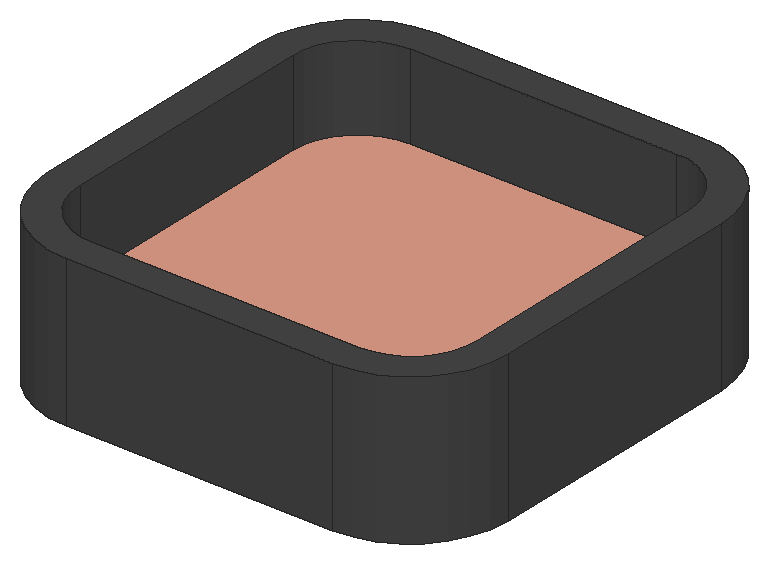
Revit family "VISS SQUARE LED LIGHT", category Lighting Fixtures, host Face, Revit 2020 (continued)
Types (65): name | Wattage Comments | Wattage | built-in parameter 1150134 | Surface Mount | Surface Acoustic Body | Photometric Web File | Order number | built-in parameter 1150142 | Model | built-in parameter 1150105 | Lumens | built-in parameter 1150107 | built-in parameter 1150106 | H1 | Fixture Width | Finish/Color | B2 | B1 | Apparent Load | Aircraft Cable Pendant Mount | Acoustic Body
  VSI-S-LA-2518-40901-ACPMK-WH-NSAC-021 130 | "25 W" | 11.7812 W | 12 | no | no | "generic" | "17511" | (empty or 0) | "VSI-S-LA-2518-40901-ACPMK-WH-NSAC-021 130" | 139.26 (stored number, unit not read) | 1750 lm | 4000 (stored number, unit not read) | 1.3926 (stored number, unit not read) | 4' - 11.19898" | 1' - 5 179/256" | White | 0' - 4.84961" | 0' - 8.34961" | 31.25 VA | yes | yes
  VSI-S-LA-3624-40901-ACPMK-WH-NSAC-021 130 | "36 W" | 16.9649 W | 12 | no | no | "generic" | "17512" | (empty or 0) | "VSI-S-LA-3624-40901-ACPMK-WH-NSAC-021 130" | 200.54 (stored number, unit not read) | 2520 lm | 4000 (stored number, unit not read) | 2.0054 (stored number, unit not read) | 4' - 11.51346" | 1' - 11 77/128" | White | 0' - 7 205/256" | 0' - 11 77/256" | 31.25 VA | yes | yes
  VSI-S-LA-5032-40901-ACPMK-WH-NSAC-021 130 | "50 W" | 23.5624 W | 12 | no | no | "generic" | "17513" | (empty or 0) | "VSI-S-LA-5032-40901-ACPMK-WH-NSAC-021 130" | 278.52 (stored number, unit not read) | 3500 lm | 4000 (stored number, unit not read) | 2.7852 (stored number, unit not read) | 5' - 0.15864" | 2' - 7 1/2" | White | 0' - 11 3/4" | 1' - 3 1/4" | 62.5 VA | yes | yes
  VSI-S-LA-1514-40901-ACPMK-BK-NSAC-021 130 | "15 W" | 7.06871 W | 12 | no | no | "generic" | "17514" | (empty or 0) | "VSI-S-LA-1514-40901-ACPMK-BK-NSAC-021 130" | 83.556 (stored number, unit not read) | 1050 lm | 4000 (stored number, unit not read) | 0.83556 (stored number, unit not read) | 4' - 11.08136" | 1' - 2 51/256" | Black | 0' - 3.09961" | 0' - 6.59961" | 18.75 VA | yes | yes
  VSI-S-LA-2518-40901-ACPMK-BK-NSAC-021 130 | "25 W" | 11.7812 W | 12 | no | no | "generic" | "17515" | (empty or 0) | "VSI-S-LA-2518-40901-ACPMK-BK-NSAC-021 130" | 139.26 (stored number, unit not read) | 1750 lm | 4000 (stored number, unit not read) | 1.3926 (stored number, unit not read) | 4' - 11.19898" | 1' - 5 179/256" | Black | 0' - 4.84961" | 0' - 8.34961" | 31.25 VA | yes | yes
  VSI-S-LA-3624-40901-ACPMK-BK-NSAC-021 130 | "36 W" | 16.9649 W | 12 | no | no | "generic" | "17516" | (empty or 0) | "VSI-S-LA-3624-40901-ACPMK-BK-NSAC-021 130" | 200.54 (stored number, unit not read) | 2520 lm | 4000 (stored number, unit not read) | 2.0054 (stored number, unit not read) | 4' - 11.51346" | 1' - 11 77/128" | Black | 0' - 7 205/256" | 0' - 11 77/256" | 31.25 VA | yes | yes
  VSI-S-LA-5032-40901-ACPMK-BK-NSAC-021 130 | "50 W" | 23.5624 W | 12 | no | no | "generic" | "17517" | (empty or 0) | "VSI-S-LA-5032-40901-ACPMK-BK-NSAC-021 130" | 278.52 (stored number, unit not read) | 3500 lm | 4000 (stored number, unit not read) | 2.7852 (stored number, unit not read) | 5' - 0.15864" | 2' - 7 1/2" | Black | 0' - 11 3/4" | 1' - 3 1/4" | 62.5 VA | yes | yes
  VSI-S-1514-30901-SMK-WH | "15 W" | 7.06871 W | (empty or 0) | yes | no | "generic" | "17625" | (empty or 0) | "VSI-S-1514-30901-SMK-WH" | 83.556 (stored number, unit not read) | 1050 lm | 3000 (stored number, unit not read) | 0.83556 (stored number, unit not read) | 4' - 11.08136" | 1' - 2 51/256" | White | 0' - 3.09961" | 0' - 6.59961" | 18.75 VA | no | no
  VSI-S-2518-30901-SMK-WH | "25 W" | 11.7812 W | (empty or 0) | yes | no | "generic" | "17626" | (empty or 0) | "VSI-S-2518-30901-SMK-WH" | 139.26 (stored number, unit not read) | 1750 lm | 3000 (stored number, unit not read) | 1.3926 (stored number, unit not read) | 4' - 11.19898" | 1' - 5 179/256" | White | 0' - 4.84961" | 0' - 8.34961" | 31.25 VA | no | no
  VSI-S-3624-30901-SMK-WH | "36 W" | 16.9649 W | (empty or 0) | yes | no | "generic" | "17627" | (empty or 0) | "VSI-S-3624-30901-SMK-WH" | 200.54 (stored number, unit not read) | 2520 lm | 3000 (stored number, unit not read) | 2.0054 (stored number, unit not read) | 4' - 11.51346" | 1' - 11 77/128" | White | 0' - 7 205/256" | 0' - 11 77/256" | 31.25 VA | no | no
  VSI-S-5032-30901-SMK-WH | "50 W" | 23.5624 W | (empty or 0) | yes | no | "generic" | "17628" | (empty or 0) | "VSI-S-5032-30901-SMK-WH" | 278.52 (stored number, unit not read) | 3500 lm | 3000 (stored number, unit not read) | 2.7852 (stored number, unit not read) | 5' - 0.15864" | 2' - 7 1/2" | White | 0' - 11 3/4" | 1' - 3 1/4" | 62.5 VA | no | no
  VSI-S-1514-30901-SMK-BK | "15 W" | 7.06871 W | (empty or 0) | yes | no | "generic" | "17629" | (empty or 0) | "VSI-S-1514-30901-SMK-BK" | 83.556 (stored number, unit not read) | 1050 lm | 3000 (stored number, unit not read) | 0.83556 (stored number, unit not read) | 4' - 11.08136" | 1' - 2 51/256" | Black | 0' - 3.09961" | 0' - 6.59961" | 18.75 VA | no | no
  VSI-S-2518-30901-SMK-BK | "25 W" | 11.7812 W | (empty or 0) | yes | no | "generic" | "17630" | (empty or 0) | "VSI-S-2518-30901-SMK-BK" | 139.26 (stored number, unit not read) | 1750 lm | 3000 (stored number, unit not read) | 1.3926 (stored number, unit not read) | 4' - 11.19898" | 1' - 5 179/256" | Black | 0' - 4.84961" | 0' - 8.34961" | 31.25 VA | no | no
  VSI-S-3624-30901-SMK-BK | "36 W" | 16.9649 W | (empty or 0) | yes | no | "generic" | "17631" | (empty or 0) | "VSI-S-3624-30901-SMK-BK" | 200.54 (stored number, unit not read) | 2520 lm | 3000 (stored number, unit not read) | 2.0054 (stored number, unit not read) | 4' - 11.51346" | 1' - 11 77/128" | Black | 0' - 7 205/256" | 0' - 11 77/256" | 31.25 VA | no | no
  VSI-S-5032-30901-SMK-BK | "50 W" | 23.5624 W | (empty or 0) | yes | no | "generic" | "17632" | (empty or 0) | "VSI-S-5032-30901-SMK-BK" | 278.52 (stored number, unit not read) | 3500 lm | 3000 (stored number, unit not read) | 2.7852 (stored number, unit not read) | 5' - 0.15864" | 2' - 7 1/2" | Black | 0' - 11 3/4" | 1' - 3 1/4" | 62.5 VA | no | no
  VSI-S-1514-40901-SMK-WH | "15 W" | 7.06871 W | 12 | yes | no | "generic" | "17633" | (empty or 0) | "VSI-S-1514-40901-SMK-WH" | 83.556 (stored number, unit not read) | 1050 lm | 4000 (stored number, unit not read) | 0.83556 (stored number, unit not read) | 4' - 11.08136" | 1' - 2 51/256" | White | 0' - 3.09961" | 0' - 6.59961" | 18.75 VA | no | no
  VSI-S-2518-40901-SMK-WH | "25 W" | 11.7812 W | 12 | yes | no | "generic" | "17634" | (empty or 0) | "VSI-S-2518-40901-SMK-WH" | 139.26 (stored number, unit not read) | 1750 lm | 4000 (stored number, unit not read) | 1.3926 (stored number, unit not read) | 4' - 11.19898" | 1' - 5 179/256" | White | 0' - 4.84961" | 0' - 8.34961" | 31.25 VA | no | no
  VSI-S-3624-40901-SMK-WH | "36 W" | 16.9649 W | 12 | yes | no | "VSI-S-3624-40901.IES" | "17635" | "IESNA:LM-63-2002\r\n[TEST] \r\n[DATE] 2019-08-21\r\n[MANUFAC] Aboveall lighting\r\n[LUMCAT] \r\n[LUMINAIRE] VSI-S-3624-40901\r\n[LAMPCAT] \r\n[LAMP] SAMSUNG 2835 4000K\r\nTILT=NONE\r\n1 3104.55 1.0 91 13 1 2 0.6 0.6 0.088 \r\n1 1 35.03\r\n0. 1. 2. 3. 4. 5. 6. 7. 8. 9. 10. 11. 12. 13. 14. 15. 16. 17. 18. 19. 20. 21. 22. 23. 24. 25. 26. 27. 28. 29. 30. 31. 32. 33. 34. 35. 36. 37. 38. 39. 40. 41. 42. 43. 44. 45. 46. 47. 48. 49. 50. 51. 52. 53. 54. 55. 56. 57. 58. 59. 60. 61. 62. 63. 64. 65. 66. 67. 68. 69. 70. 71. 72. 73. 74. 75. 76. 77. 78. 79. 80. 81. 82. 83. 84. 85. 86. 87. 88. 89. 90. \r\n0. 30. 60. 90. 120. 150. 180. 210. 240. 270. 300. 330. 360. \r\n856.032 858.511 858.865 858.865 858.511 857.803 857.448 856.032 854.97 853.554 852.138 851.076 848.598 846.12 842.933 841.163 839.393 835.853 833.729 829.835 825.232 822.754 817.444 812.133 808.947 803.283 800.096 793.016 786.29 782.749 776.023 768.942 765.402 757.259 749.117 744.869 736.372 727.521 722.919 713.714 709.112 699.553 689.995 680.082 675.48 669.815 659.549 654.238 643.617 634.059 628.04 617.42 612.109 595.824 590.514 585.203 574.228 568.918 557.589 546.615 540.95 530.329 519.001 513.336 501.299 489.617 483.244 470.499 449.612 449.612 433.681 416.333 406.775 387.303 376.329 351.193 333.81 293.062 248.384 225.762 181.367 158.745 75.691 70.911 52.148 21.454 11.4 1.912 2.018 2.195 2.372 \r\n856.032 854.262 854.616 854.97 854.97 854.616 854.262 853.554 852.492 851.784 850.014 848.598 847.536 845.058 842.579 841.517 838.331 835.499 833.375 829.481 825.586 823.108 818.506 816.382 811.425 808.593 802.929 797.264 794.078 787.706 784.873 776.023 775.315 764.694 760.8 756.905 749.117 745.223 736.372 728.229 723.627 714.776 705.926 701.677 692.473 682.914 677.958 668.399 658.486 653.176 643.263 632.643 627.686 617.066 611.755 601.134 589.452 584.141 572.812 567.148 555.819 549.801 538.118 526.081 519.709 507.318 500.591 487.138 472.977 465.189 440.761 440.761 422.706 402.172 390.844 365.0 337.917 322.835 287.752 245.977 224.133 180.199 136.512 76.363 73.92 39.863 27.295 10.125 0.46 0.425 0.425 \r\n856.032 854.616 854.616 854.616 854.262 853.908 853.2 852.846 852.138 851.43 850.014 848.244 847.182 845.058 843.642 840.809 839.039 835.853 832.313 830.189 826.648 824.17 819.922 817.444 812.487 807.177 804.345 798.68 792.308 789.122 782.749 775.669 772.482 765.048 757.613 753.719 746.285 737.788 733.54 724.689 715.838 711.59 702.386 698.137 688.933 684.33 674.772 665.213 659.903 649.99 644.68 639.369 623.438 618.482 607.861 602.551 591.576 579.539 573.875 562.9 557.235 545.552 533.516 527.851 515.814 503.778 497.405 484.306 470.853 465.897 449.612 433.681 433.681 405.713 395.092 372.08 346.732 331.332 301.027 282.972 243.498 201.511 180.517 140.088 121.147 102.03 47.723 47.723 3.257 0.602 0.46 \r\n856.032 854.97 854.616 853.554 852.846 852.138 851.076 849.306 847.536 846.474 844.35 842.933 839.747 836.207 834.791 830.897 828.772 824.878 820.276 817.798 812.487 806.823 803.991 798.326 791.6 784.873 776.023 774.961 771.42 763.986 756.197 751.949 743.806 739.558 730.353 725.751 716.901 707.342 702.74 693.181 688.225 678.312 668.399 663.089 653.176 647.866 631.935 626.27 620.96 609.631 604.321 592.284 580.955 575.645 564.316 552.633 535.994 535.994 524.665 519.001 508.026 496.697 491.033 479.704 473.685 462.003 449.966 443.593 430.14 415.625 406.775 389.782 380.577 361.46 351.193 325.42 269.413 269.413 227.532 206.609 166.25 146.637 77.0 72.717 56.184 14.019 5.381 0.46 0.425 0.425 0.46 \r\n856.032 856.386 856.032 854.97 854.262 853.554 852.492 850.368 850.014 847.89 846.474 844.35 841.517 840.455 837.269 833.375 831.605 827.356 823.108 821.338 816.382 811.425 808.593 803.283 797.618 794.432 791.246 784.165 777.793 770.712 766.818 759.738 751.595 748.409 744.161 736.018 727.167 722.919 718.671 705.218 700.615 691.411 686.454 676.896 666.275 661.673 651.76 646.804 636.183 630.518 620.606 609.985 598.656 593.7 582.371 571.396 565.732 554.403 542.366 537.056 525.019 512.982 506.964 493.865 487.492 475.102 468.375 465.897 442.885 435.805 420.582 412.439 395.446 375.975 365.708 343.05 330.978 304.638 290.194 256.172 217.478 197.086 155.028 117.182 99.729 64.999 46.625 46.625 0.814 0.566 0.46 \r\n856.032 856.032 854.97 853.908 853.2 851.43 849.306 848.244 846.12 842.933 841.871 838.331 837.269 833.375 829.481 827.002 822.754 820.63 815.674 811.071 808.593 802.929 800.096 794.078 787.706 784.165 776.023 774.961 767.526 764.34 756.197 748.409 744.515 732.124 727.875 723.627 714.776 705.926 701.323 691.765 682.56 677.604 668.045 658.132 653.176 643.263 632.643 626.978 616.357 610.693 600.072 589.098 583.433 572.812 567.148 555.819 550.155 538.826 533.162 521.479 509.796 503.778 491.741 485.368 472.977 459.878 452.09 438.283 423.414 407.837 399.694 381.639 361.814 351.228 328.11 315.507 287.645 253.34 234.223 194.678 175.065 136.547 117.926 76.257 46.448 30.977 7.753 0.46 0.425 0.425 0.46 \r\n856.032 858.157 857.448 856.74 856.032 854.616 853.908 852.846 850.722 849.66 846.828 845.766 842.933 839.747 837.977 834.437 832.667 828.772 824.524 822.046 817.09 814.611 808.947 803.283 800.45 794.078 790.892 784.165 780.625 773.545 766.11 761.862 753.719 749.471 741.328 732.832 728.229 719.379 709.82 700.615 695.305 686.1 676.188 671.231 660.965 655.654 645.033 634.413 629.102 617.774 612.109 601.134 590.16 584.495 573.166 567.856 556.881 550.863 539.888 528.205 522.895 511.566 505.548 493.865 482.536 476.872 466.251 454.568 448.55 436.513 423.768 417.041 403.234 387.657 379.515 362.168 362.168 333.775 322.694 307.081 252.243 212.203 192.059 153.116 135.061 116.439 58.343 47.864 9.205 0.566 0.46 \r\n856.032 853.2 852.846 851.784 850.368 850.014 848.244 847.182 845.058 842.933 841.871 839.393 837.623 834.437 830.897 829.126 825.586 823.108 821.338 814.257 811.425 806.469 801.158 798.326 792.662 789.476 783.103 776.731 770.004 766.464 759.03 755.489 747.701 740.266 736.018 727.875 723.273 715.13 705.572 700.969 692.473 687.871 678.312 668.753 663.797 653.884 648.928 638.661 633.705 623.792 613.171 607.861 596.886 586.265 581.309 570.334 558.297 552.633 541.304 529.267 523.603 511.92 499.883 493.511 480.766 475.102 465.897 449.966 442.531 428.016 420.228 403.588 385.533 375.975 354.025 342.979 319.189 306.125 277.237 241.339 222.115 182.394 162.639 124.758 89.25 71.867 47.581 14.657 2.124 2.053 2.053 \r\n856.032 853.554 852.846 852.138 851.43 850.014 849.306 847.182 845.412 843.996 841.871 839.747 837.269 834.437 832.313 828.772 827.002 822.4 820.276 815.674 811.071 808.239 802.929 800.096 794.432 788.06 784.873 776.377 776.023 768.942 761.862 757.967 750.179 742.744 734.602 730.353 721.149 716.901 708.404 698.845 694.243 684.684 674.772 669.815 659.549 654.592 644.325 639.015 628.394 617.774 612.109 601.134 595.824 584.849 572.812 567.502 556.527 551.217 534.224 534.224 522.895 511.566 505.548 493.511 480.766 474.393 460.941 446.426 438.637 422.706 404.651 394.738 372.434 350.06 337.315 310.586 296.213 263.607 224.947 204.839 165.046 145.681 76.611 72.611 56.184 29.242 18.338 2.691 1.77 1.912 2.053 \r\n856.032 855.324 855.324 855.324 854.97 854.616 853.554 853.554 852.138 850.722 849.66 847.89 846.12 844.704 842.579 839.747 837.623 834.083 830.543 828.418 824.17 821.692 816.736 813.903 808.593 802.929 800.096 793.37 790.184 783.811 776.731 773.545 765.756 761.508 753.719 745.577 741.328 732.478 727.875 719.025 709.112 704.51 694.597 683.622 678.666 668.399 657.424 652.468 641.493 630.872 625.208 614.233 608.569 597.948 586.619 581.309 571.042 565.378 554.403 543.782 537.41 531.746 521.125 509.796 498.821 493.511 482.182 476.164 465.897 465.897 446.426 432.264 424.476 408.191 390.49 380.931 359.689 333.067 316.392 277.449 232.807 211.636 170.463 131.202 112.226 76.611 76.611 48.324 9.346 1.912 2.018 \r\n856.032 856.386 856.74 856.74 856.74 856.032 855.324 854.97 853.908 852.492 851.784 849.66 847.536 846.12 843.642 840.455 839.039 835.853 831.959 829.835 825.586 820.984 818.86 813.549 810.717 805.407 802.575 796.556 790.538 787.352 776.023 773.899 770.358 763.278 759.738 751.595 747.347 739.558 735.31 726.813 717.609 713.36 704.156 694.243 689.641 679.728 669.815 664.505 653.884 643.617 637.599 626.624 615.649 610.339 599.01 588.035 582.725 571.75 566.086 554.757 549.093 537.764 525.727 519.709 506.964 500.591 487.138 480.058 464.481 448.196 439.345 420.582 410.315 388.719 364.646 337.775 323.402 292.283 253.765 233.019 190.713 169.755 129.679 75.62 73.389 42.341 19.082 11.541 1.841 1.947 2.018 \r\n856.032 857.095 857.448 857.803 858.157 857.803 857.803 857.448 857.095 856.032 856.032 853.554 851.784 851.784 848.952 847.89 845.058 842.225 840.809 837.269 835.499 831.605 829.835 825.232 820.63 818.152 812.841 807.531 804.345 798.68 792.308 789.122 782.395 775.315 771.774 764.694 756.905 753.011 744.869 740.974 732.478 723.981 719.733 710.882 706.28 696.721 687.162 682.206 672.647 667.691 662.735 652.468 642.201 636.891 626.624 616.357 610.693 600.072 588.39 583.079 571.396 559.714 553.695 542.012 528.913 523.603 509.796 496.343 489.617 475.102 466.251 466.251 434.035 424.476 403.942 380.931 368.54 341.988 327.438 294.195 274.688 232.24 188.695 167.064 124.511 101.57 64.645 47.793 7.328 2.053 2.372 \r\n856.032 858.511 858.865 858.865 858.511 857.803 857.448 856.032 854.97 853.554 852.138 851.076 848.598 846.12 842.933 841.163 839.393 835.853 833.729 829.835 825.232 822.754 817.444 812.133 808.947 803.283 800.096 793.016 786.29 782.749 776.023 768.942 765.402 757.259 749.117 744.869 736.372 727.521 722.919 713.714 709.112 699.553 689.995 680.082 675.48 669.815 659.549 654.238 643.617 634.059 628.04 617.42 612.109 595.824 590.514 585.203 574.228 568.918 557.589 546.615 540.95 530.329 519.001 513.336 501.299 489.617 483.244 470.499 449.612 449.612 433.681 416.333 406.775 387.303 376.329 351.193 333.81 293.062 248.384 225.762 181.367 158.745 75.691 70.911 52.148 21.454 11.4 1.912 2.018 2.195 2.372 \r\n" | "VSI-S-3624-40901-SMK-WH" | 200.54 (stored number, unit not read) | 2520 lm | 4000 (stored number, unit not read) | 2.0054 (stored number, unit not read) | 4' - 11.51346" | 1' - 11 77/128" | White | 0' - 7 205/256" | 0' - 11 77/256" | 31.25 VA | no | no
